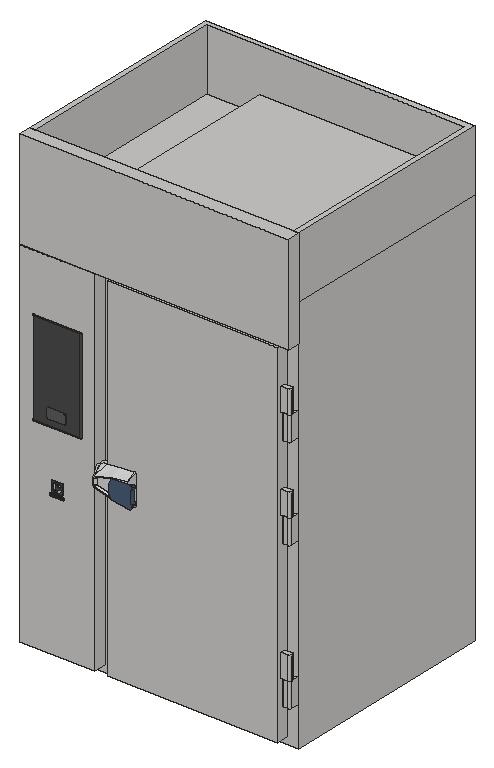
Revit family "QF_ELECTROLUXPROFESSIONAL_727752_EBFA22LA", category Specialty Equipment, Revit 2018
Family settings
  Round Connector Dimension = Use Diameter
  Part Type = Normal
  Work Plane-Based = No
  Always vertical = Yes
  Cut with Voids When Loaded = No
  Shared = Yes
  Room Calculation Point = No
Parameters
  Weight = 0.00 kg
  Watts = 0 W
  Volts = 380 V
  URL Manufacturer = "http://professional.electrolux.com"
  URL = "http://professional.electrolux.com"
  Steam Supply Size = 0"
  Steam Supply Minimum Pressure = 0.00 psi
  Steam Supply Maximum Pressure = 0.00 psi
  Steam Pounds per Hour = 0
  Show Logo [instance] = yes
  Refrigeration Suction Line Size = 0"
  Refrigeration Liquid Line Size = 0"
  Refrigerant Compressor Remote = yes
  Phase = 3
  Model = "EBFA22LA"
  Manufacturer = "Electrolux"
  Length Actual = 1400 mm  # constant formula
  Item Number = "727752"
  Hot Water Size = 1"
  Height Actual = 2470 mm  # constant formula
  HP = "14.2 HP"
  Gas Size = 0"
  Gas KW = 0
  Gas Input Pressure = 0.0 Btu/h
  Direct Waste Size = 3/4"
  Description = "BLAST CH/FREEZ 120KG 20GN2/1-60HZ LW-USB"
  Depth Actual = 1266 mm  # constant formula
  Cycle = 60 Hz
  Condensate Return Size = 0"
  Compressed Air Volume = 0 GPM
  Compressed Air Size = 0"
  Compressed Air Pressure = 0.00 psi
  Cold Water Size = 1"
  Assembly Code = ""
  Show Clearance [instance] = yes
  Accessory = yes
Reference planes
  plane 1 "BACK": y = 1
  plane 2: z = 0
  plane 3 "LEFT": x = 0
  plane 4 "RIGHT": x = 1400
  plane 5 "FRONT": y = -1205
  plane 6 "TOP": z = 2400
  plane 7 "Center Y": x = 700
  plane 8: y = -2155
  plane 9: y = -602
Forms (mm)
  Extrusion 1, solid, material "QF_Clearance", visible <- "Show Clearance", detail levels coarse
    sketch origin (0, 0, -70) x (1, 0, 0) y (0, 1, 0)
      loop
        line (0, -1205) -> (0, 1) -> (1400, 1) -> (1400, -1205) -> (1500, -1205) -> (1500, 101) -> (-100, 101) -> (-100, -1205) -> (0, -1205)
    from 70 to 2670
  Extrusion 2, solid, material "QF_Finishes_Stainless Steel"
    sketch origin (349.253, 33, 630.991) x (-1, 0, 0) y (0, -1, 0)
      loop
        line (349.253, 1172.759) -> (349.253, 1238) -> (-39.747, 1238) -> (-39.747, 1172.759) -> (349.253, 1172.759)
    from -597 to 1254
  Extrusion 3, solid, material "QF_Finishes_Stainless Steel"
    sketch origin (596.16, 27.971, -70) x (1, 0, 0) y (0, 1, 0)
      loop
        line (743.84, -1172.971) -> (-141.16, -1172.971) -> (-141.16, -1232.971) -> (743.84, -1232.971) -> (743.84, -1172.971)
    from 103.991 to 1945.25
  Extrusion 4, solid, material "QF_Door-Drawer Clearances", visible <- "Show Clearance", detail levels coarse
    sketch origin (875, -72.029, -91.802) x (-1, 0, 0) y (0, -1, 0)
      loop
        line (-465, 2025.971) -> (-465, 1132.971) -> (420, 1132.971)
        arc (420, 1132.971) -> (153.836, 1754.227) -> (-465, 2025.971) r 920
    from 125.793 to 1967.052
  Extrusion 5, solid, material "QF_Finishes_Stainless Steel"
    sketch origin (0, -1139.759, 0) x (0, 1, 0) y (-1, 0, 0)
      loop
        line (1140.759, 0) -> (0.759, 0) -> (0.759, -1400) -> (1140.759, -1400) -> (1140.759, 0)
    from 0 to 2080
  Extrusion 6, solid, material "QF_Finishes_Stainless Steel"
    sketch origin (0, 0, -70) x (0, 1, 0) y (0, 0, 1)
      loop
        line (-1139, 2470) -> (-1205, 2470) -> (-1205, 1956) -> (-1139, 1956) -> (-1139, 2470)
    from 0 to 1400
  Extrusion 7, solid, material "QF_Finishes_Stainless Steel"
    sketch origin (0, -1139.759, 2080) x (0, 1, 0) y (-1, 0, 0)
      loop
        line (1140.759, 0) -> (0.759, 0) -> (0.759, -27.807) -> (1112.952, -27.807) -> (1112.952, -1372.193) -> (0.759, -1372.193) -> (0.759, -1400) -> (1140.759, -1400) -> (1140.759, 0)
    from 0 to 320
  Extrusion 8, solid, material "QF_Clearance", visible <- "Show Clearance", detail levels coarse
    sketch origin (0, 0, 2400) x (-1, 0, 0) y (0, -1, 0)
      loop
        line (0, 1205) -> (-1400, 1205) -> (-1400, -1) -> (0, -1) -> (0, 1205)
    from 0 to 200
  Extrusion 9, solid, material "QF_Finishes_Stainless Steel"
    sketch origin (-390.239, -0.977, 1172.559) x (1, 0, 0) y (0, 1, 0)
      loop
        line (1730.239, -1159.557) -> (1730.239, -1186.759) -> (1771.078, -1186.759)
        arc (1771.078, -1186.759) -> (1778.149, -1183.83) -> (1781.078, -1176.759) r 10
        line (1781.078, -1176.759) -> (1781.078, -1169.557)
        arc (1781.078, -1169.557) -> (1778.149, -1162.486) -> (1771.078, -1159.557) r 10
        line (1771.078, -1159.557) -> (1730.239, -1159.557)
    from 398 to 516
  Extrusion 10, solid, material "QF_Finishes_Stainless Steel"
    sketch origin (-388.989, -0.977, 1172.559) x (1, 0, 0) y (0, 1, 0)
      loop
        line (1779.828, -1138.023) -> (1738.215, -1138.023) -> (1738.215, -1176.759)
        arc (1738.215, -1176.759) -> (1741.143, -1183.83) -> (1748.215, -1186.759) r 10
        line (1748.215, -1186.759) -> (1769.828, -1186.759)
        arc (1769.828, -1186.759) -> (1776.899, -1183.83) -> (1779.828, -1176.759) r 10
        line (1779.828, -1176.759) -> (1779.828, -1138.023)
    from 269 to 396
  Extrusion 11, solid, material "QF_Finishes_Handrails and Railings"
    sketch origin (0, -1205, -139.705) x (-1, 0, 0) y (0, 0, 1)
      loop
        arc (-455, 1022.346) -> (-433.392, 1027.289) -> (-413, 1035.976) r 124.815
        arc (-413, 1035.976) -> (-402.037, 1046.425) -> (-398, 1061.023) r 28.412
        line (-398, 1061.023) -> (-398, 1124.287)
        arc (-398, 1124.287) -> (-402.037, 1138.885) -> (-413, 1149.334) r 28.412
        arc (-413, 1149.334) -> (-433.392, 1158.021) -> (-455, 1162.964) r 124.815
        line (-455, 1162.964) -> (-455, 1022.346)
    from 0 to 25
  Extrusion 12, solid, material "QF_Finishes_Stainless Steel"
    sketch origin (0, 1, -70) x (1, 0, 0) y (0, 0, 1)
      loop
        circle (50.191, 2279.706) r 10
    from -2 to 0
  Extrusion 13, solid
    sketch origin (0, 0, -70) x (1, 0, 0) y (0, 1, 0)
      loop
        circle (271, -895) r 12.7
    from 180 to 190
  Blend 14, solid, material "QF_Finishes_Handrails and Railings"
    base sketch origin (0, -1205, -139.705) x (1, 0, 0) y (0, 0, 1)
      loop
        arc (455, 1162.964) -> (433.392, 1158.021) -> (413, 1149.334) r 124.815
        arc (413, 1149.334) -> (402.037, 1138.885) -> (398, 1124.287) r 28.412
        line (398, 1124.287) -> (398, 1061.023)
        arc (398, 1061.023) -> (402.037, 1046.425) -> (413, 1035.976) r 28.412
        arc (413, 1035.976) -> (433.392, 1027.289) -> (455, 1022.346) r 124.815
        arc (455, 1022.346) -> (524.77, 1014.896) -> (594.859, 1011.587) r 1185.63
        arc (594.859, 1011.587) -> (600.607, 1013.879) -> (603, 1019.586) r 8
        line (603, 1019.586) -> (603, 1165.724)
        arc (603, 1165.724) -> (600.607, 1171.431) -> (594.859, 1173.723) r 8
        arc (594.859, 1173.723) -> (524.77, 1170.414) -> (455, 1162.964) r 1185.63
    top sketch origin (0, -1205, -139.705) x (1, 0, 0) y (0, 0, 1)
      loop
        line (421, 1108.337) -> (421, 1076.973)
        arc (421, 1076.973) -> (423.295, 1069.915) -> (429.302, 1065.557) r 12
        arc (429.302, 1065.557) -> (515.086, 1044.22) -> (603, 1034.974) r 636.459
        line (603, 1034.974) -> (603, 1150.336)
        arc (603, 1150.336) -> (515.086, 1141.09) -> (429.302, 1119.753) r 636.459
        arc (429.302, 1119.753) -> (423.295, 1115.395) -> (421, 1108.337) r 12
    from 0 to 50
  Blend 15, void
    base sketch origin (0, -1255, -139.705) x (-1, 0, 0) y (0, 0, 1)
      loop
        arc (-430.843, 1114.996) -> (-515.866, 1136.151) -> (-603, 1145.333) r 631.459
        line (-603, 1145.333) -> (-603, 1039.977)
        arc (-603, 1039.977) -> (-515.866, 1049.159) -> (-430.843, 1070.314) r 631.459
        arc (-430.843, 1070.314) -> (-427.339, 1072.856) -> (-426, 1076.973) r 7
        line (-426, 1076.973) -> (-426, 1108.337)
        arc (-426, 1108.337) -> (-427.339, 1112.454) -> (-430.843, 1114.996) r 7
    top sketch origin (0, -1255, -139.705) x (-1, 0, 0) y (0, 0, 1)
      loop
        arc (-432.384, 1110.24) -> (-516.647, 1131.211) -> (-603, 1140.33) r 626.459
        line (-603, 1140.33) -> (-603, 1044.98)
        arc (-603, 1044.98) -> (-516.647, 1054.099) -> (-432.384, 1075.07) r 626.459
        arc (-432.384, 1075.07) -> (-431.382, 1075.797) -> (-431, 1076.973) r 2
        line (-431, 1076.973) -> (-431, 1108.337)
        arc (-431, 1108.337) -> (-431.382, 1109.513) -> (-432.384, 1110.24) r 2
    from 0 to 10
  Blend 16, solid, material "QF_Finishes_Electrolux_Blue"
    base sketch origin (0, -1245, -139.705) x (1, 0, 0) y (0, 0, 1)
      loop
        arc (628.567, 1043.419) -> (622.014, 1092.655) -> (628.567, 1141.89) r 188.232
        arc (628.567, 1141.89) -> (627.358, 1147.991) -> (621.77, 1150.721) r 7
        arc (621.77, 1150.721) -> (572.304, 1148.509) -> (523.16, 1142.458) r 636.459
        arc (523.16, 1142.458) -> (507.711, 1092.655) -> (523.16, 1042.852) r 88
        arc (523.16, 1042.852) -> (572.304, 1036.801) -> (621.77, 1034.589) r 636.459
        arc (621.77, 1034.589) -> (627.358, 1037.319) -> (628.567, 1043.419) r 7
    top sketch origin (0, -1245, -139.705) x (1, 0, 0) y (0, 0, 1)
      loop
        arc (626.748, 1050.703) -> (622.014, 1092.655) -> (626.748, 1134.607) r 188.232
        arc (626.748, 1134.607) -> (625.775, 1138.85) -> (621.845, 1140.722) r 5
        arc (621.845, 1140.722) -> (569.023, 1138.185) -> (516.603, 1131.203) r 626.459
        arc (516.603, 1131.203) -> (507.711, 1092.655) -> (516.603, 1054.107) r 88
        arc (516.603, 1054.107) -> (569.023, 1047.124) -> (621.845, 1044.588) r 626.459
        arc (621.845, 1044.588) -> (625.775, 1046.46) -> (626.748, 1050.703) r 5
    from 20 to 0
  Extrusion 17, solid, material "QF_Finishes_Stainless Steel"
    sketch origin (-390.239, -0.977, 692.559) x (1, 0, 0) y (0, 1, 0)
      loop
        line (1730.239, -1159.557) -> (1730.239, -1186.759) -> (1771.078, -1186.759)
        arc (1771.078, -1186.759) -> (1778.149, -1183.83) -> (1781.078, -1176.759) r 10
        line (1781.078, -1176.759) -> (1781.078, -1169.557)
        arc (1781.078, -1169.557) -> (1778.149, -1162.486) -> (1771.078, -1159.557) r 10
        line (1771.078, -1159.557) -> (1730.239, -1159.557)
    from 398 to 516
  Extrusion 18, solid, material "QF_Finishes_Stainless Steel"
    sketch origin (-388.989, -0.977, 692.559) x (1, 0, 0) y (0, 1, 0)
      loop
        line (1779.828, -1138.023) -> (1738.215, -1138.023) -> (1738.215, -1176.759)
        arc (1738.215, -1176.759) -> (1741.143, -1183.83) -> (1748.215, -1186.759) r 10
        line (1748.215, -1186.759) -> (1769.828, -1186.759)
        arc (1769.828, -1186.759) -> (1776.899, -1183.83) -> (1779.828, -1176.759) r 10
        line (1779.828, -1176.759) -> (1779.828, -1138.023)
    from 269 to 396
  Extrusion 19, solid, material "QF_Finishes_Stainless Steel"
    sketch origin (-390.239, -0.977, -67.441) x (1, 0, 0) y (0, 1, 0)
      loop
        line (1730.239, -1159.557) -> (1730.239, -1186.759) -> (1771.078, -1186.759)
        arc (1771.078, -1186.759) -> (1778.149, -1183.83) -> (1781.078, -1176.759) r 10
        line (1781.078, -1176.759) -> (1781.078, -1169.557)
        arc (1781.078, -1169.557) -> (1778.149, -1162.486) -> (1771.078, -1159.557) r 10
        line (1771.078, -1159.557) -> (1730.239, -1159.557)
    from 398 to 516
  Extrusion 20, solid, material "QF_Finishes_Stainless Steel"
    sketch origin (-388.989, -0.977, -67.441) x (1, 0, 0) y (0, 1, 0)
      loop
        line (1779.828, -1138.023) -> (1738.215, -1138.023) -> (1738.215, -1176.759)
        arc (1738.215, -1176.759) -> (1741.143, -1183.83) -> (1748.215, -1186.759) r 10
        line (1748.215, -1186.759) -> (1769.828, -1186.759)
        arc (1769.828, -1186.759) -> (1776.899, -1183.83) -> (1779.828, -1176.759) r 10
        line (1779.828, -1176.759) -> (1779.828, -1138.023)
    from 269 to 396
  Extrusion 21, solid, material "QF_Door-Drawer Clearances", visible <- "Show Clearance", detail levels coarse
    sketch origin (167.029, -1956.84, -70) x (0, 1, 0) y (-1, 0, 0)
      loop
        line (751.84, -1172.971) -> (-141.16, -1172.971) -> (-141.16, -1232.971) -> (751.84, -1232.971) -> (751.84, -1172.971)
    from 103.991 to 1945.25
  Extrusion 22, solid, material "QF_Door-Drawer Clearances", visible <- "Show Clearance", detail levels coarse
    sketch origin (1400, -2553, -139.705) x (0, -1, 0) y (0, 0, 1)
      loop
        arc (-455, 1022.346) -> (-433.392, 1027.289) -> (-413, 1035.976) r 124.815
        arc (-413, 1035.976) -> (-402.037, 1046.425) -> (-398, 1061.023) r 28.412
        line (-398, 1061.023) -> (-398, 1124.287)
        arc (-398, 1124.287) -> (-402.037, 1138.885) -> (-413, 1149.334) r 28.412
        arc (-413, 1149.334) -> (-433.392, 1158.021) -> (-455, 1162.964) r 124.815
        line (-455, 1162.964) -> (-455, 1022.346)
    from 0 to 25
  Blend 23, solid, material "QF_Door-Drawer Clearances", visible <- "Show Clearance", detail levels coarse
    base sketch origin (1400, -2553, -139.705) x (0, 1, 0) y (0, 0, 1)
      loop
        arc (455, 1162.964) -> (433.392, 1158.021) -> (413, 1149.334) r 124.815
        arc (413, 1149.334) -> (402.037, 1138.885) -> (398, 1124.287) r 28.412
        line (398, 1124.287) -> (398, 1061.023)
        arc (398, 1061.023) -> (402.037, 1046.425) -> (413, 1035.976) r 28.412
        arc (413, 1035.976) -> (433.392, 1027.289) -> (455, 1022.346) r 124.815
        arc (455, 1022.346) -> (524.77, 1014.896) -> (594.859, 1011.587) r 1185.63
        arc (594.859, 1011.587) -> (600.607, 1013.879) -> (603, 1019.586) r 8
        line (603, 1019.586) -> (603, 1165.724)
        arc (603, 1165.724) -> (600.607, 1171.431) -> (594.859, 1173.723) r 8
        arc (594.859, 1173.723) -> (524.77, 1170.414) -> (455, 1162.964) r 1185.63
    top sketch origin (1400, -2553, -139.705) x (0, 1, 0) y (0, 0, 1)
      loop
        line (421, 1108.337) -> (421, 1076.973)
        arc (421, 1076.973) -> (423.295, 1069.915) -> (429.302, 1065.557) r 12
        arc (429.302, 1065.557) -> (515.086, 1044.22) -> (603, 1034.974) r 636.459
        line (603, 1034.974) -> (603, 1150.336)
        arc (603, 1150.336) -> (515.086, 1141.09) -> (429.302, 1119.753) r 636.459
        arc (429.302, 1119.753) -> (423.295, 1115.395) -> (421, 1108.337) r 12
    from 0 to 50
  Blend 24, void
    base sketch origin (1450, -2553, -139.705) x (0, -1, 0) y (0, 0, 1)
      loop
        arc (-430.843, 1114.996) -> (-515.866, 1136.151) -> (-603, 1145.333) r 631.459
        line (-603, 1145.333) -> (-603, 1039.977)
        arc (-603, 1039.977) -> (-515.866, 1049.159) -> (-430.843, 1070.314) r 631.459
        arc (-430.843, 1070.314) -> (-427.339, 1072.856) -> (-426, 1076.973) r 7
        line (-426, 1076.973) -> (-426, 1108.337)
        arc (-426, 1108.337) -> (-427.339, 1112.454) -> (-430.843, 1114.996) r 7
    top sketch origin (1450, -2553, -139.705) x (0, -1, 0) y (0, 0, 1)
      loop
        arc (-432.384, 1110.24) -> (-516.647, 1131.211) -> (-603, 1140.33) r 626.459
        line (-603, 1140.33) -> (-603, 1044.98)
        arc (-603, 1044.98) -> (-516.647, 1054.099) -> (-432.384, 1075.07) r 626.459
        arc (-432.384, 1075.07) -> (-431.382, 1075.797) -> (-431, 1076.973) r 2
        line (-431, 1076.973) -> (-431, 1108.337)
        arc (-431, 1108.337) -> (-431.382, 1109.513) -> (-432.384, 1110.24) r 2
    from 0 to 10
  Blend 25, solid, material "QF_Door-Drawer Clearances", visible <- "Show Clearance", detail levels coarse
    base sketch origin (1440, -2553, -139.705) x (0, 1, 0) y (0, 0, 1)
      loop
        arc (628.567, 1043.419) -> (622.014, 1092.655) -> (628.567, 1141.89) r 188.232
        arc (628.567, 1141.89) -> (627.358, 1147.991) -> (621.77, 1150.721) r 7
        arc (621.77, 1150.721) -> (572.304, 1148.509) -> (523.16, 1142.458) r 636.459
        arc (523.16, 1142.458) -> (507.711, 1092.655) -> (523.16, 1042.852) r 88
        arc (523.16, 1042.852) -> (572.304, 1036.801) -> (621.77, 1034.589) r 636.459
        arc (621.77, 1034.589) -> (627.358, 1037.319) -> (628.567, 1043.419) r 7
    top sketch origin (1440, -2553, -139.705) x (0, 1, 0) y (0, 0, 1)
      loop
        arc (626.748, 1050.703) -> (622.014, 1092.655) -> (626.748, 1134.607) r 188.232
        arc (626.748, 1134.607) -> (625.775, 1138.85) -> (621.845, 1140.722) r 5
        arc (621.845, 1140.722) -> (569.023, 1138.185) -> (516.603, 1131.203) r 626.459
        arc (516.603, 1131.203) -> (507.711, 1092.655) -> (516.603, 1054.107) r 88
        arc (516.603, 1054.107) -> (569.023, 1047.124) -> (621.845, 1044.588) r 626.459
        arc (621.845, 1044.588) -> (625.775, 1046.46) -> (626.748, 1050.703) r 5
    from 20 to -1
  Extrusion 26, solid, material "QF_Finishes_Stainless Steel"
    sketch origin (0, -1139.759, 2080) x (0, 1, 0) y (-1, 0, 0)
      loop
        line (1028.497, -361.186) -> (882.552, -361.186) -> (882.552, -544.235) -> (1028.497, -544.235) -> (1028.497, -361.186)
    from 0 to 50
  Extrusion 27, solid, material "QF_Finishes_Stainless Steel"
    sketch origin (0, -1139.759, 2080) x (0, 1, 0) y (-1, 0, 0)
      loop
        line (1099.749, -314.157) -> (154.819, -314.157) -> (154.819, -1281.35) -> (1099.749, -1281.35) -> (1099.749, -314.157)
    from 0 to 100
  Extrusion 28, solid, material "QF_Finishes_Stainless Steel"
    sketch origin (544.235, -111.262, 2080) x (0, -1, 0) y (0, 0, -1)
      loop
        circle (122.974, -25) r 12.5
      loop
        circle (23.998, -25) r 12.5
    from 0 to 30
Cuts and joins
  Blend 15 cuts Blend 14
  joined: Extrusion 11, Blend 14
  Blend 15 cuts Extrusion 4
  Blend 24 cuts Blend 23
  Blend 24 cuts Blend 25
  joined: Extrusion 4, Extrusion 21, Extrusion 22, Blend 23, Blend 25
  joined: Extrusion 7, Extrusion 12
  joined: Extrusion 5, Extrusion 10, Extrusion 18, Extrusion 20, Extrusion 27
  joined: Extrusion 3, Extrusion 9, Extrusion 17, Extrusion 19
  joined: Extrusion 1, Extrusion 8
  joined: Extrusion 26, Extrusion 28
Lines and regions (mm)
  symbolic lines, style "QF-Clearances", visible <- "Show Clearance", detail levels coarse
    curve 1: line (-100, -1204.241, 70) -> (-100, 101, 70)
    curve 2: line (-100, 101, 70) -> (1500, 101, 70)
    curve 3: line (1500, 101, 70) -> (1500, -1204.241, 70)
  symbolic lines
    curve 4: line (0, 1, 70) -> (1400, 1, 70)
    curve 5: line (0, -1205, 70) -> (0, 1, 70)
    curve 6: line (1400, -1205, 70) -> (0, -1205, 70)
    curve 7: line (1400, 1, 70) -> (1400, -1205, 70)
    curve 8: line (27.807, -26.807, 70) -> (1372.193, -26.807, 70)
    curve 9: line (27.807, -1139, 70) -> (27.807, -26.807, 70)
    curve 10: line (1400, -1139, 70) -> (0, -1139, 70)
    curve 11: line (1372.193, -26.807, 70) -> (1372.193, -1139, 70)
    curve 12: line (75.5, -1210, 70) -> (313.5, -1210, 70)
    curve 13: line (75.5, -1210, 70) -> (67.5, -1205, 70)
    curve 14: line (313.5, -1210, 70) -> (321.5, -1205, 70)
    curve 15: line (421, -1255, 70) -> (398, -1205, 70)
    curve 16: line (421, -1255, 70) -> (603, -1255, 70)
    curve 17: line (603, -1255, 70) -> (603, -1205, 70)
    curve 18: line (603, -1245, 70) -> (626.748, -1245, 70)
    curve 19: line (626.748, -1245, 70) -> (628.811, -1265, 70)
    curve 20: line (628.811, -1265, 70) -> (507.711, -1265, 70)
    curve 21: line (507.711, -1265, 70) -> (507.711, -1255, 70)
    curve 35: line (314.157, -40.01, 70) -> (1281.35, -40.01, 70)
    curve 36: line (314.157, -984.941, 70) -> (314.157, -40.01, 70)
    curve 37: line (1281.35, -984.941, 70) -> (314.157, -984.941, 70)
    curve 38: line (1281.35, -40.01, 70) -> (1281.35, -984.941, 70)
  symbolic lines, style "QF_Door-Drawer Clearances", visible <- "Show Clearance"
    curve 22: line (1450, -2132, 70) -> (1400, -2155, 70)
    curve 23: line (1450, -2132, 70) -> (1450, -1950, 70)
    curve 24: line (1450, -1950, 70) -> (1400, -1950, 70)
    curve 25: line (1439, -1950, 70) -> (1439, -1926.126, 70)
    curve 26: line (1439, -1926.126, 70) -> (1460, -1924.189, 70)
    curve 27: line (1460, -1924.189, 70) -> (1460, -2045.289, 70)
    curve 28: line (1460, -2045.289, 70) -> (1450, -2045.289, 70)
    curve 29: line (1375, -2098, 70) -> (1375, -2155, 70)
    curve 30: line (1340, -2098, 70) -> (1400, -2098, 70)
    curve 31: arc (457.796, -1255, 70) -> (739.031, -1843.801, 70) -> (1340, -2098, 70) r 920
    curve 32: line (1400, -2155, 70) -> (1375, -2155, 70)
    curve 33: line (1400, -2098, 70) -> (1400, -1205, 70)
    curve 34: line (1340, -2098, 70) -> (1340, -1205, 70)
  symbolic lines, style "SpecialityEquipmentHiddenLines"
    curve 39: line (361.186, -111.262, 70) -> (544.235, -111.262, 70)
    curve 40: line (361.186, -257.207, 70) -> (361.186, -111.262, 70)
    curve 41: line (544.235, -257.207, 70) -> (361.186, -257.207, 70)
    curve 42: line (544.235, -111.262, 70) -> (544.235, -257.207, 70)
    curve 43: line (574.235, -147.761, 70) -> (574.235, -122.761, 70)
    curve 44: line (574.235, -122.761, 70) -> (544.235, -122.761, 70)
    curve 45: line (574.235, -147.761, 70) -> (544.235, -147.761, 70)
    curve 46: line (574.235, -246.737, 70) -> (544.235, -246.737, 70)
    curve 47: line (574.235, -221.737, 70) -> (544.235, -221.737, 70)
    curve 48: line (574.235, -221.737, 70) -> (574.235, -246.737, 70)
Dimensions and locks
  plane 5 "FRONT" to plane 1 "BACK" = 1206 mm
  plane 6 "TOP" to level = 2400 mm
  plane 4 "RIGHT" to plane 3 "LEFT" = 1400 mm
  plane 3 "LEFT" to plane 4 "RIGHT" = 1400 mm
  equal spacing: plane 3 "LEFT", plane 7 "Center Y", plane 4 "RIGHT"
  equal spacing: plane 1 "BACK", plane 9, plane 5 "FRONT"
  aligned and locked: level to plane 2
Automatic sketch dimensions
  plane 5 "FRONT" to Extrusion 1 sketch curve = 0 mm  (x2)
  Extrusion 1 sketch curve to plane 3 "LEFT" = 0 mm
  plane 1 "BACK" to Extrusion 1 sketch curve = 0 mm
  Extrusion 1 sketch curve to plane 4 "RIGHT" = 0 mm
  Extrusion 1 sketch curve to plane 3 "LEFT" = 100 mm
  plane 4 "RIGHT" to Extrusion 1 sketch curve = 100 mm
  Extrusion 1 sketch curve to plane 1 "BACK" = 100 mm
  plane 5 "FRONT" to Extrusion 2 sketch curve = 0 mm
  Extrusion 2 sketch curve to plane 3 "LEFT" = 0 mm
  Extrusion 2 sketch curve to plane 5 "FRONT" = 65.241 mm
  plane 5 "FRONT" to Extrusion 3 sketch curve = 0 mm
  Extrusion 3 sketch curve to plane 5 "FRONT" = 60 mm
  Extrusion 3 sketch curve to plane 4 "RIGHT" = 60 mm
  plane 5 "FRONT" to Extrusion 4 sketch curve = 0 mm
  Extrusion 4 sketch curve to plane 4 "RIGHT" = 25.377 mm
  Extrusion 4 sketch curve to Extrusion 4 sketch curve = 34.623 mm
  Extrusion 4 sketch curve to plane 5 "FRONT" = 26.348 mm
  Extrusion 5 sketch curve to plane 3 "LEFT" = 0 mm
  Extrusion 5 sketch curve to plane 4 "RIGHT" = 0 mm
  plane 1 "BACK" to Extrusion 5 sketch curve = 0 mm
  Extrusion 5 sketch curve to plane 5 "FRONT" = 66 mm
  Extrusion 6 sketch curve to plane 5 "FRONT" = 0 mm
  Extrusion 6 sketch curve to plane 5 "FRONT" = 66 mm
  Extrusion 6 sketch curve to plane 6 "TOP" = 514 mm
  plane 6 "TOP" to Extrusion 6 sketch curve = 0 mm
  Extrusion 5 to Extrusion 7 sketch curve = 0 mm
  Extrusion 7 sketch curve to Extrusion 5 = 0 mm  (x4)
  Extrusion 7 sketch curve to Extrusion 5 = 27.807 mm  (x3)
  Extrusion 8 sketch curve to plane 4 "RIGHT" = 0 mm
  plane 1 "BACK" to Extrusion 8 sketch curve = 0 mm
  Extrusion 8 sketch curve to plane 3 "LEFT" = 0 mm
  plane 5 "FRONT" to Extrusion 8 sketch curve = 0 mm
  Extrusion 9 sketch curve to plane 5 "FRONT" = 17.264 mm
  Extrusion 9 sketch curve to plane 4 "RIGHT" = 60 mm
  Extrusion 9 sketch curve to plane 4 "RIGHT" = 19.161 mm
  Extrusion 9 sketch curve to Extrusion 9 sketch curve = 0 mm
  Extrusion 9 sketch curve to plane 4 "RIGHT" = 9.161 mm
  Extrusion 9 sketch curve to Extrusion 9 sketch curve = 7.202 mm
  Extrusion 10 sketch curve to plane 5 "FRONT" = 27.264 mm
  Extrusion 10 sketch curve to plane 4 "RIGHT" = 50.775 mm
  Extrusion 10 sketch curve to Extrusion 10 sketch curve = 10 mm
  Extrusion 10 sketch curve to plane 4 "RIGHT" = 19.161 mm
  Extrusion 10 sketch curve to plane 4 "RIGHT" = 9.161 mm
  Extrusion 10 sketch curve to Extrusion 10 sketch curve = 38.736 mm
  plane 7 "Center Y" to Extrusion 11 sketch curve = 228.081 mm
  Extrusion 11 sketch curve to Extrusion 11 sketch curve = 0 mm
  Extrusion 11 sketch curve to Extrusion 11 sketch curve = 16.919 mm
  Extrusion 11 sketch curve to Extrusion 11 sketch curve = 28.588 mm  (x2)
  Extrusion 11 sketch curve to Extrusion 11 sketch curve = 28.412 mm
  level to Extrusion 11 sketch curve = 882.641 mm
  Extrusion 11 sketch curve to Extrusion 11 sketch curve = 16.954 mm  (x2)
  Extrusion 11 sketch curve to Extrusion 11 sketch curve = 38.676 mm
  Extrusion 11 sketch curve to Extrusion 11 sketch curve = 63.265 mm
  Extrusion 11 sketch curve to Extrusion 11 sketch curve = 21.722 mm
  plane 3 "LEFT" to Extrusion 12 sketch curve = 50.191 mm
  Extrusion 12 sketch curve to plane 6 "TOP" = 190.294 mm
  Extrusion 13 sketch curve to plane 9 = 293 mm
  Blend 14 sketch curve to Extrusion 11 = 0 mm  (x4)
  Blend 14 sketch curve to Extrusion 11 = 28.412 mm
  Blend 14 sketch curve to Blend 14 sketch curve = 123.081 mm  (x2)
  Blend 14 sketch curve to Blend 14 sketch curve = 8 mm
  Extrusion 11 to Blend 14 sketch curve = 160.712 mm  (x2)
  Blend 14 sketch curve to Blend 14 sketch curve = 19.715 mm  (x2)
  Blend 14 sketch curve to Blend 14 sketch curve = 38.676 mm
  Blend 14 sketch curve to Extrusion 11 = 23 mm
  Blend 14 sketch curve to Blend 14 sketch curve = 12 mm  (x2)
  Extrusion 11 to Blend 14 sketch curve = 148 mm
  Extrusion 11 to Blend 14 sketch curve = 170.45 mm  (x2)
  Blend 14 sketch curve to Blend 14 sketch curve = 520.701 mm  (x2)
  Blend 14 sketch curve to Blend 14 sketch curve = 41.999 mm
  Blend 14 sketch curve to Blend 14 sketch curve = 31.364 mm
  Blend 14 sketch curve to Blend 14 sketch curve = 115.362 mm
  Blend 14 to Blend 15 sketch curve = 0 mm  (x2)
  Blend 15 sketch curve to Blend 15 sketch curve = 7 mm
  Blend 15 sketch curve to Blend 15 sketch curve = 31.364 mm  (x2)
  Blend 15 sketch curve to Blend 15 sketch curve = 2 mm
  Blend 15 to Blend 16 sketch curve = 18.811 mm  (x2)
  Blend 16 sketch curve to Blend 15 = 7.289 mm  (x2)
  Blend 16 sketch curve to Blend 16 sketch curve = 188.435 mm
  Blend 16 sketch curve to Blend 16 sketch curve = 7 mm  (x2)
  Blend 16 sketch curve to Blend 16 sketch curve = 51.066 mm  (x2)
  Blend 16 sketch curve to Blend 16 sketch curve = 0 mm  (x6)
  Blend 16 sketch curve to Blend 15 = 79.84 mm
  Blend 15 to Blend 16 sketch curve = 18.874 mm  (x2)
  Blend 16 sketch curve to Blend 16 sketch curve = 188.371 mm
  Blend 16 sketch curve to Blend 16 sketch curve = 5 mm  (x2)
  Blend 16 sketch curve to Blend 16 sketch curve = 43.067 mm  (x2)
  Blend 16 sketch curve to Blend 15 = 85.603 mm
  Extrusion 17 sketch curve to plane 5 "FRONT" = 17.264 mm
  Extrusion 17 sketch curve to plane 4 "RIGHT" = 60 mm
  Extrusion 17 sketch curve to plane 4 "RIGHT" = 19.161 mm
  Extrusion 17 sketch curve to Extrusion 17 sketch curve = 0 mm
  Extrusion 17 sketch curve to plane 4 "RIGHT" = 9.161 mm
  Extrusion 17 sketch curve to Extrusion 17 sketch curve = 7.202 mm
  Extrusion 18 sketch curve to plane 5 "FRONT" = 27.264 mm
  Extrusion 18 sketch curve to plane 4 "RIGHT" = 50.775 mm
  Extrusion 18 sketch curve to Extrusion 18 sketch curve = 10 mm
  Extrusion 18 sketch curve to plane 4 "RIGHT" = 19.161 mm
  Extrusion 18 sketch curve to plane 4 "RIGHT" = 9.161 mm
  Extrusion 18 sketch curve to Extrusion 18 sketch curve = 38.736 mm
  Extrusion 19 sketch curve to plane 5 "FRONT" = 17.264 mm
  Extrusion 19 sketch curve to plane 4 "RIGHT" = 60 mm
  Extrusion 19 sketch curve to plane 4 "RIGHT" = 19.161 mm
  Extrusion 19 sketch curve to Extrusion 19 sketch curve = 0 mm
  Extrusion 19 sketch curve to plane 4 "RIGHT" = 9.161 mm
  Extrusion 19 sketch curve to Extrusion 19 sketch curve = 7.202 mm
  Extrusion 20 sketch curve to plane 5 "FRONT" = 27.264 mm
  Extrusion 20 sketch curve to plane 4 "RIGHT" = 50.775 mm
  Extrusion 20 sketch curve to Extrusion 20 sketch curve = 10 mm
  Extrusion 20 sketch curve to plane 4 "RIGHT" = 19.161 mm
  Extrusion 20 sketch curve to plane 4 "RIGHT" = 9.161 mm
  Extrusion 20 sketch curve to Extrusion 20 sketch curve = 38.736 mm
  Extrusion 21 sketch curve to plane 4 "RIGHT" = 0 mm
  plane 5 "FRONT" to Extrusion 21 sketch curve = 0 mm
  Extrusion 21 sketch curve to plane 8 = 57 mm
  Extrusion 21 sketch curve to plane 4 "RIGHT" = 60 mm
  Extrusion 22 sketch curve to plane 8 = 0 mm
  Extrusion 22 sketch curve to Extrusion 22 sketch curve = 28.412 mm  (x2)
  Extrusion 22 sketch curve to Extrusion 22 sketch curve = 28.588 mm
  Extrusion 22 sketch curve to Extrusion 22 sketch curve = 16.919 mm  (x2)
  level to Extrusion 22 sketch curve = 882.641 mm
  Extrusion 22 sketch curve to Extrusion 22 sketch curve = 16.954 mm  (x2)
  Extrusion 22 sketch curve to Extrusion 22 sketch curve = 38.676 mm
  Extrusion 22 sketch curve to Extrusion 22 sketch curve = 63.265 mm
  Extrusion 22 sketch curve to Extrusion 22 sketch curve = 21.722 mm
  Blend 23 sketch curve to Extrusion 22 = 0 mm  (x4)
  Blend 23 sketch curve to Extrusion 22 = 28.412 mm
  Blend 23 sketch curve to Blend 23 sketch curve = 123.081 mm  (x2)
  Blend 23 sketch curve to Blend 23 sketch curve = 8 mm
  Extrusion 22 to Blend 23 sketch curve = 160.712 mm  (x2)
  Blend 23 sketch curve to Blend 23 sketch curve = 19.715 mm  (x2)
  Blend 23 sketch curve to Blend 23 sketch curve = 38.676 mm
  Blend 23 sketch curve to Extrusion 22 = 23 mm
  Blend 23 sketch curve to Blend 23 sketch curve = 12 mm  (x2)
  Extrusion 22 to Blend 23 sketch curve = 148 mm
  Extrusion 22 to Blend 23 sketch curve = 170.45 mm  (x2)
  Blend 23 sketch curve to Blend 23 sketch curve = 520.701 mm  (x2)
  Blend 23 sketch curve to Blend 23 sketch curve = 41.999 mm
  Blend 23 sketch curve to Blend 23 sketch curve = 31.364 mm
  Blend 23 sketch curve to Blend 23 sketch curve = 115.362 mm
  Blend 24 sketch curve to Blend 23 = 0 mm  (x2)
  Blend 24 sketch curve to Blend 24 sketch curve = 7 mm
  Blend 24 sketch curve to Blend 24 sketch curve = 31.364 mm  (x2)
  Blend 24 sketch curve to Blend 24 sketch curve = 2 mm
  Blend 24 to Blend 25 sketch curve = 18.811 mm  (x2)
  Blend 25 sketch curve to Blend 24 = 7.289 mm  (x2)
  Blend 25 sketch curve to Blend 25 sketch curve = 188.435 mm
  Blend 25 sketch curve to Blend 25 sketch curve = 7 mm  (x2)
  Blend 25 sketch curve to Blend 25 sketch curve = 51.066 mm  (x2)
  Blend 25 sketch curve to Blend 25 sketch curve = 0 mm  (x6)
  Blend 25 sketch curve to Blend 24 = 79.84 mm
  Blend 24 to Blend 25 sketch curve = 18.874 mm  (x2)
  Blend 25 sketch curve to Blend 25 sketch curve = 188.371 mm
  Blend 25 sketch curve to Blend 25 sketch curve = 5 mm  (x2)
  Blend 25 sketch curve to Blend 25 sketch curve = 43.067 mm  (x2)
  Blend 25 sketch curve to Blend 24 = 85.603 mm
  plane 7 "Center Y" to Extrusion 2 sketch curve = 311 mm
  plane 7 "Center Y" to Extrusion 3 sketch curve = 245 mm
  plane 7 "Center Y" to Extrusion 4 sketch curve = 245 mm
  plane 3 "LEFT" to Extrusion 13 sketch curve = 271 mm
  Extrusion 27 sketch curve to Extrusion 5 = 154.059 mm
  Extrusion 27 sketch curve to Extrusion 5 = 41.01 mm
  Extrusion 27 sketch curve to Extrusion 5 = 118.65 mm
  Extrusion 27 sketch curve to Extrusion 5 = 314.157 mm
  Extrusion 26 sketch curve to Extrusion 5 = 258.207 mm
  Extrusion 26 sketch curve to Extrusion 5 = 112.262 mm
  Extrusion 26 sketch curve to Extrusion 5 = 544.235 mm
  Extrusion 26 sketch curve to Extrusion 26 sketch curve = 183.049 mm
  Extrusion 28 sketch curve to Extrusion 26 = 23.998 mm
  Extrusion 28 sketch curve to Extrusion 26 = 22.971 mm
  Extrusion 26 to Extrusion 28 sketch curve = 25 mm  (x2)
  plane 8 to curve 29 = 0 mm
  curve 33 to plane 4 "RIGHT" = 0 mm
  plane 5 "FRONT" to curve 15 = 0 mm
  curve 10 to plane 3 "LEFT" = 0 mm
  plane 1 "BACK" to curve 7 = 0 mm
  curve 22 to plane 4 "RIGHT" = 0 mm
  curve 22 to plane 8 = 23 mm
  curve 22 to curve 33 = 57 mm
  curve 30 to curve 28 = 52.711 mm
  curve 28 to curve 24 = 95.289 mm
  plane 4 "RIGHT" to curve 26 = 39 mm
  curve 25 to curve 26 = 23.874 mm
  curve 25 to curve 27 = 1.937 mm
  plane 5 "FRONT" to curve 19 = 60 mm
  plane 5 "FRONT" to curve 15 = 50 mm
  curve 19 to curve 18 = 20 mm
  plane 5 "FRONT" to curve 12 = 5 mm
  curve 31 to plane 5 "FRONT" = 26.348 mm
  curve 31 to curve 37 = 193.711 mm
  plane 1 "BACK" to curve 41 = 258.207 mm
  curve 41 to curve 43 = 109.446 mm
  curve 43 to curve 43 = 25 mm
  plane 1 "BACK" to curve 39 = 112.262 mm
  plane 1 "BACK" to curve 36 = 41.01 mm
  plane 1 "BACK" to curve 8 = 27.807 mm
  curve 2 to plane 1 "BACK" = 100 mm
  curve 24 to curve 25 = 11 mm
  curve 26 to curve 25 = 21 mm
  plane 4 "RIGHT" to curve 2 = 100 mm
  curve 22 to curve 29 = 25 mm
  curve 31 to plane 4 "RIGHT" = 25.377 mm
  curve 8 to plane 4 "RIGHT" = 27.807 mm
  curve 29 to curve 30 = 35 mm
  curve 38 to plane 4 "RIGHT" = 118.65 mm
  plane 7 "Center Y" to curve 19 = 71.189 mm
  curve 19 to curve 18 = 2.062 mm
  curve 18 to curve 17 = 23.748 mm
  plane 7 "Center Y" to curve 43 = 125.765 mm
  curve 43 to curve 41 = 30 mm
  curve 21 to curve 31 = 49.915 mm
  curve 31 to curve 16 = 36.796 mm
  curve 41 to curve 40 = 183.049 mm
  curve 15 to curve 37 = 106.843 mm
  curve 15 to curve 14 = 107.5 mm
  plane 3 "LEFT" to curve 12 = 75.5 mm
  plane 3 "LEFT" to curve 8 = 27.807 mm
  curve 1 to plane 3 "LEFT" = 100 mm
  curve 3 to plane 5 "FRONT" = 0.759 mm
  curve 1 to plane 5 "FRONT" = 0.759 mm
  curve 9 to plane 5 "FRONT" = 66 mm
  curve 41 to curve 46 = 10.471 mm
  curve 46 to curve 48 = 25 mm
  curve 46 to curve 46 = 30 mm
  curve 15 to curve 15 = 23 mm
  curve 14 to curve 12 = 8 mm
  curve 12 to curve 13 = 8 mm
  radius of Extrusion 12 sketch curve = 10 mm
  radius of Extrusion 13 sketch curve = 12.7 mm
  radius of Blend 14 sketch curve to Extrusion 11 = 0 mm  (x3)
  radius of Blend 15 sketch curve to Blend 14 = 5 mm  (x3)
  radius of Blend 15 sketch curve to Blend 14 = 10 mm  (x3)
  radius of Blend 15 to Blend 16 sketch curve = 10 mm  (x2)
  radius of Blend 16 sketch curve to Blend 15 = 0 mm  (x2)
  radius of Blend 23 sketch curve to Extrusion 22 = 0 mm  (x3)
  radius of Blend 24 sketch curve to Blend 23 = 5 mm  (x3)
  radius of Blend 24 sketch curve to Blend 23 = 10 mm  (x3)
  radius of Blend 24 to Blend 25 sketch curve = 10 mm  (x2)
  radius of Blend 25 sketch curve to Blend 24 = 0 mm  (x2)
  radius of Extrusion 28 sketch curve = 12.5 mm  (x2)
Nested families
  nested 1: "ELX_Touch" at (194.5, -1205, 1338.103) x (1, 0, 0) z (0, -1, 0), type "ELX_Touch"
  nested 2: "ELX_Logo_S_New" at (194.5, -1205, 779.103) x (1, 0, 0) z (0, -1, 0), visible <- "Show Logo", type "ELX_Logo_S_New"
    with M QF_Finishes_Black
  nested 3: "ELX_Logo_Symbol" at (194.5, -1205, 819.103) x (1, 0, 0) z (0, -1, 0), visible <- "Show Logo", type "ELX_Logo_Symbol"
    with M QF_Finishes_Black
Connectors
  piping at (271, -895, 110), diameter 25.4
    settings: on Extrusion 13, index 5, connector inside diameter 24", connector length 0 mm, flow factor 0, pipe flow 0 GPM, pressure drop 0.00 psi, fitting loss kfactor 0, connector angle 0.00°, fixture units 0, engagement length 0 mm, angle of deflection 0.00°, flow configuration 1, flow direction 2, fitting loss method 0, system type 16, joint type 0, gender type 0, connector reference index -1, connector utility 0, adjustable connector no, is connector primary yes, connector description "Drain"
  electrical at (50.191, 3, 2209.706), driven by "Volts"
    settings: on Extrusion 12, index 6, voltage 380 V, apparent load 0 VA, apparent load phase1 0 VA, apparent load phase2 0 VA, apparent load phase3 0 VA, power factor 1, load classification "Altro", number of poles 1, system type 30, power factor state 1, is connector primary yes, connector utility no, sub classification motor no, connector description "Electrical Connection"
  piping at (574.235, -234.237, 2105), diameter 25
    settings: on cut or joined group of Extrusion 26, Extrusion 28, index 7, connector inside diameter 24", connector length 0 mm, flow factor 0, pipe flow 0 GPM, pressure drop 0.00 psi, fitting loss kfactor 0, connector angle 0.00°, fixture units 0, engagement length 0 mm, angle of deflection 0.00°, flow configuration 1, flow direction 1, fitting loss method 0, system type 7, joint type 0, gender type 0, connector reference index -1, connector utility 0, adjustable connector no, is connector primary no, connector description "Water Inlet Cooling"
  piping at (574.235, -135.261, 2105), diameter 25
    settings: on cut or joined group of Extrusion 26, Extrusion 28, index 8, connector inside diameter 24", connector length 0 mm, flow factor 0, pipe flow 0 GPM, pressure drop 0.00 psi, fitting loss kfactor 0, connector angle 0.00°, fixture units 0, engagement length 0 mm, angle of deflection 0.00°, flow configuration 1, flow direction 1, fitting loss method 0, system type 8, joint type 0, gender type 0, connector reference index -1, connector utility 0, adjustable connector no, is connector primary no, connector description "Water Outlet Cooling"
Definition of nested family "ELX_Touch"
  Parameters
    Default Elevation = 1219.2 mm
  Reference planes
    plane 1 "Centro (Fronte/Retro)": y = 0
    plane 2: z = 0
    plane 3 "Centro (Sinistra/Destra)": x = 0
  Forms (mm)
    Extrusion 1, solid
      sketch origin (0, 0, 0) x (1, 0, 0) y (0, 1, 0)
        loop
          line (-1219.2, 1219.2) -> (-1219.2, -1219.2) -> (1219.2, -1219.2) -> (1219.2, 1219.2) -> (-1219.2, 1219.2)
      from 0 to -304.8
    Extrusion 2, solid
      sketch origin (0, 0, 5) x (1, 0, 0) y (0, 1, 0)
        loop
          line (-47, -160) -> (-47, -202)
          arc (-47, -202) -> (-45.536, -205.535) -> (-42, -207) r 5
          line (-42, -207) -> (42, -207)
          arc (42, -207) -> (45.536, -205.535) -> (47, -202) r 5
          line (47, -202) -> (47, -160)
          arc (47, -160) -> (45.536, -156.465) -> (42, -155) r 5
          line (42, -155) -> (-42, -155)
          arc (-42, -155) -> (-45.536, -156.465) -> (-47, -160) r 5
      from 0 to 2
    Blend 3, solid
      base sketch origin (0, 0, 0) x (1, 0, 0) y (0, 1, 0)
        loop
          line (-127, 244) -> (-127, -244)
          arc (-127, -244) -> (-125.536, -247.536) -> (-122, -249) r 5
          line (-122, -249) -> (122, -249)
          arc (122, -249) -> (125.536, -247.536) -> (127, -244) r 5
          line (127, -244) -> (127, 244)
          arc (127, 244) -> (125.536, 247.536) -> (122, 249) r 5
          line (122, 249) -> (-122, 249)
          arc (-122, 249) -> (-125.536, 247.536) -> (-127, 244) r 5
      top sketch origin (0, 0, 0) x (1, 0, 0) y (0, 1, 0)
        loop
          line (-119, -241) -> (119, -241) -> (119, 241) -> (-119, 241) -> (-119, -241)
      from 0 to 5
  Lines and regions (mm)
    Split face 1
      outline origin (0, 0, 5) x (1, 0, 0) y (0, 1, 0)
        loop
          line (-70.506, 46.167) -> (70.506, 46.167) -> (70.506, 214.829) -> (-70.506, 214.829) -> (-70.506, 46.167)
    Split face 2
      outline origin (0, 0, 5) x (1, 0, 0) y (0, 1, 0)
        loop
          line (-47.467, 50.825) -> (47.467, 50.825) -> (47.467, 210.171) -> (-47.467, 210.171) -> (-47.467, 50.825)
    Split face 3
      outline origin (0, 0, 5) x (1, 0, 0) y (0, 1, 0)
        loop
          line (-70.521, -215.33) -> (70.521, -215.33) -> (70.521, -146.67) -> (-70.521, -146.67) -> (-70.521, -215.33)
    Split face 4
      outline origin (0, 0, 5) x (1, 0, 0) y (0, 1, 0)
        loop
          line (-119, 201.163) -> (-70.506, 201.163)
        loop
          line (70.506, 201.163) -> (119, 201.163)
        loop
          line (70.521, -200.849) -> (119, -200.849)
        loop
          line (-119, -200.849) -> (-70.521, -200.849)
  Dimensions and locks
    aligned and locked: plane 2 to Extrusion 1
    aligned and locked: level to Extrusion 1
Definition of nested family "ELX_Logo_S_New"
  Parameters
    Default Elevation = 0 mm
    M [instance] = none
  Reference planes
    plane 1 "Centro (Fronte/Retro)": y = 0
    plane 2: z = 0
    plane 3 "Centro (Sinistra/Destra)": x = 0
  Forms (mm)
    Extrusion 1, solid
      sketch origin (0, 0, 0) x (1, 0, 0) y (0, 1, 0)
        loop
          line (-1219.2, 1219.2) -> (-1219.2, -1219.2) -> (1219.2, -1219.2) -> (1219.2, 1219.2) -> (-1219.2, 1219.2)
      from 0 to -304.8
    Extrusion 2, solid, material <- "M"
      sketch origin (0, 0, 0) x (1, 0, 0) y (0, 1, 0)
        loop
          spline (-32.537, -4.135) -> (-32.702, -4.128) -> (-32.877, -4.105) -> (-33.059, -4.064) -> (-33.242, -4.002) -> (-33.422, -3.916) -> (-33.593, -3.803) -> (-33.751, -3.66) -> (-33.891, -3.486) -> (-34.008, -3.276) -> (-34.098, -3.029) -> (-34.155, -2.741) -> (-34.176, -2.41)
          line (-34.176, -2.41) -> (-34.176, -0.943) -> (-29.331, -0.943) -> (-29.331, 0.928) -> (-34.176, 0.928) -> (-34.176, 3.652) -> (-29.023, 3.652) -> (-29.023, 5.518) -> (-36.159, 5.518) -> (-36.159, -2.326)
          spline (-36.159, -2.326) -> (-36.142, -2.808) -> (-36.088, -3.263) -> (-35.996, -3.688) -> (-35.867, -4.083) -> (-35.698, -4.445) -> (-35.489, -4.773) -> (-35.239, -5.066) -> (-34.946, -5.322) -> (-34.61, -5.539) -> (-34.23, -5.716) -> (-33.804, -5.851) -> (-33.332, -5.943)
          line (-33.332, -5.943) -> (-32.554, -5.999) -> (-28.885, -5.999) -> (-28.885, -4.135) -> (-32.537, -4.135)
        loop
          line (-27.476, 0.076) -> (-27.476, -6.002) -> (-25.492, -6.002) -> (-25.492, 5.521) -> (-27.476, 5.521) -> (-27.476, 0.076)
        loop
          spline (-15.702, -2.321) -> (-15.689, -1.697) -> (-15.749, -1.094) -> (-15.879, -0.516) -> (-16.078, 0.029) -> (-16.341, 0.538) -> (-16.668, 1.004) -> (-17.055, 1.422) -> (-17.5, 1.786) -> (-17.999, 2.091) -> (-18.552, 2.331) -> (-19.154, 2.5) -> (-19.804, 2.594)
          spline (-19.804, 2.594) -> (-20.422, 2.558) -> (-21.009, 2.453) -> (-21.56, 2.28) -> (-22.072, 2.042) -> (-22.54, 1.743) -> (-22.96, 1.385) -> (-23.327, 0.97) -> (-23.638, 0.502) -> (-23.887, -0.018) -> (-24.07, -0.586) -> (-24.183, -1.2) -> (-24.222, -1.857)
          spline (-24.222, -1.857) -> (-24.184, -2.498) -> (-24.074, -3.097) -> (-23.895, -3.652) -> (-23.651, -4.16) -> (-23.344, -4.618) -> (-22.979, -5.023) -> (-22.559, -5.374) -> (-22.087, -5.667) -> (-21.567, -5.899) -> (-21.003, -6.068) -> (-20.397, -6.172) -> (-19.754, -6.207)
          spline (-19.754, -6.207) -> (-19.44, -6.2) -> (-19.13, -6.176) -> (-18.823, -6.135) -> (-18.52, -6.074) -> (-18.221, -5.993) -> (-17.925, -5.89) -> (-17.634, -5.762) -> (-17.346, -5.609) -> (-17.062, -5.43) -> (-16.782, -5.221) -> (-16.506, -4.983) -> (-16.234, -4.713)
          line (-16.234, -4.713) -> (-17.429, -3.55)
          spline (-17.429, -3.55) -> (-17.587, -3.702) -> (-17.745, -3.841) -> (-17.906, -3.967) -> (-18.07, -4.08) -> (-18.239, -4.181) -> (-18.415, -4.268) -> (-18.599, -4.343) -> (-18.792, -4.404) -> (-18.996, -4.452) -> (-19.213, -4.486) -> (-19.443, -4.506) -> (-19.688, -4.513)
          spline (-19.688, -4.513) -> (-20.047, -4.496) -> (-20.383, -4.443) -> (-20.696, -4.358) -> (-20.984, -4.24) -> (-21.246, -4.092) -> (-21.479, -3.915) -> (-21.683, -3.711) -> (-21.856, -3.48) -> (-21.997, -3.224) -> (-22.104, -2.945) -> (-22.176, -2.643) -> (-22.212, -2.321)
          line (-22.212, -2.321) -> (-15.702, -2.321)
        loop
          spline (-17.695, -0.926) -> (-17.714, -0.681) -> (-17.771, -0.445) -> (-17.861, -0.221) -> (-17.984, -0.01) -> (-18.135, 0.184) -> (-18.314, 0.36) -> (-18.516, 0.516) -> (-18.741, 0.648) -> (-18.984, 0.755) -> (-19.244, 0.834) -> (-19.518, 0.883) -> (-19.804, 0.9)
          spline (-19.804, 0.9) -> (-20.11, 0.884) -> (-20.405, 0.835) -> (-20.686, 0.757) -> (-20.95, 0.652) -> (-21.195, 0.521) -> (-21.419, 0.367) -> (-21.618, 0.192) -> (-21.79, -0.003) -> (-21.934, -0.214) -> (-22.045, -0.439) -> (-22.122, -0.678) -> (-22.162, -0.926)
          line (-22.162, -0.926) -> (-17.695, -0.926)
        loop
          spline (-12.669, -1.807) -> (-12.646, -1.438) -> (-12.58, -1.088) -> (-12.472, -0.759) -> (-12.326, -0.455) -> (-12.145, -0.177) -> (-11.93, 0.072) -> (-11.685, 0.289) -> (-11.412, 0.473) -> (-11.114, 0.62) -> (-10.793, 0.728) -> (-10.453, 0.794) -> (-10.095, 0.817)
          spline (-10.095, 0.817) -> (-9.876, 0.81) -> (-9.665, 0.79) -> (-9.464, 0.756) -> (-9.271, 0.709) -> (-9.086, 0.65) -> (-8.908, 0.578) -> (-8.737, 0.495) -> (-8.572, 0.399) -> (-8.414, 0.292) -> (-8.261, 0.173) -> (-8.113, 0.044) -> (-7.969, -0.096)
          line (-7.969, -0.096) -> (-6.741, 1.183)
          spline (-6.741, 1.183) -> (-6.985, 1.427) -> (-7.237, 1.647) -> (-7.496, 1.843) -> (-7.762, 2.015) -> (-8.034, 2.164) -> (-8.312, 2.291) -> (-8.596, 2.397) -> (-8.886, 2.482) -> (-9.181, 2.546) -> (-9.481, 2.592) -> (-9.786, 2.619) -> (-10.095, 2.627)
          spline (-10.095, 2.627) -> (-10.715, 2.589) -> (-11.308, 2.476) -> (-11.871, 2.294) -> (-12.396, 2.046) -> (-12.88, 1.736) -> (-13.316, 1.369) -> (-13.7, 0.949) -> (-14.026, 0.48) -> (-14.289, -0.035) -> (-14.483, -0.59) -> (-14.604, -1.182) -> (-14.645, -1.807)
          spline (-14.645, -1.807) -> (-14.604, -2.431) -> (-14.483, -3.023) -> (-14.289, -3.578) -> (-14.026, -4.093) -> (-13.7, -4.562) -> (-13.316, -4.983) -> (-12.88, -5.35) -> (-12.396, -5.659) -> (-11.871, -5.907) -> (-11.308, -6.09) -> (-10.715, -6.202) -> (-10.095, -6.24)
          spline (-10.095, -6.24) -> (-9.786, -6.232) -> (-9.481, -6.205) -> (-9.181, -6.16) -> (-8.886, -6.095) -> (-8.596, -6.01) -> (-8.312, -5.904) -> (-8.034, -5.777) -> (-7.762, -5.628) -> (-7.496, -5.456) -> (-7.237, -5.26) -> (-6.985, -5.04) -> (-6.741, -4.796)
          line (-6.741, -4.796) -> (-7.969, -3.517)
          spline (-7.969, -3.517) -> (-8.113, -3.657) -> (-8.261, -3.786) -> (-8.414, -3.905) -> (-8.572, -4.012) -> (-8.737, -4.108) -> (-8.908, -4.192) -> (-9.086, -4.263) -> (-9.271, -4.323) -> (-9.464, -4.369) -> (-9.665, -4.403) -> (-9.876, -4.423) -> (-10.095, -4.43)
          spline (-10.095, -4.43) -> (-10.453, -4.408) -> (-10.793, -4.341) -> (-11.114, -4.233) -> (-11.412, -4.086) -> (-11.685, -3.902) -> (-11.93, -3.685) -> (-12.145, -3.436) -> (-12.326, -3.158) -> (-12.472, -2.854) -> (-12.58, -2.526) -> (-12.646, -2.176) -> (-12.669, -1.807)
        loop
          spline (-1.683, -4.138) -> (-1.858, -4.14) -> (-2.045, -4.127) -> (-2.24, -4.095) -> (-2.438, -4.04) -> (-2.633, -3.959) -> (-2.822, -3.85) -> (-2.998, -3.709) -> (-3.157, -3.533) -> (-3.294, -3.318) -> (-3.404, -3.061) -> (-3.483, -2.76) -> (-3.524, -2.411)
          line (-3.524, -2.411) -> (-3.524, 0.529) -> (-1.72, 0.529) -> (-1.72, 2.331) -> (-3.522, 2.331) -> (-3.522, 5.521) -> (-5.506, 5.521) -> (-5.506, -2.523)
          spline (-5.506, -2.523) -> (-5.463, -2.99) -> (-5.386, -3.429) -> (-5.274, -3.839) -> (-5.126, -4.218) -> (-4.941, -4.564) -> (-4.717, -4.877) -> (-4.455, -5.155) -> (-4.153, -5.396) -> (-3.81, -5.599) -> (-3.425, -5.762) -> (-2.998, -5.884) -> (-2.528, -5.964)
          line (-2.528, -5.964) -> (-1.69, -6.002) -> (-1.683, -4.138)
        loop
          spline (4.991, 2.446) -> (4.648, 2.468) -> (4.318, 2.461) -> (4.001, 2.429) -> (3.699, 2.371) -> (3.413, 2.288) -> (3.142, 2.182) -> (2.89, 2.052) -> (2.655, 1.901) -> (2.439, 1.728) -> (2.244, 1.535) -> (2.069, 1.322) -> (1.917, 1.091)
          line (1.917, 1.091) -> (1.917, 2.33) -> (-0.051, 2.33) -> (-0.051, -6.002) -> (1.917, -6.002) -> (1.917, -1.621)
          spline (1.917, -1.621) -> (1.935, -1.288) -> (1.988, -0.979) -> (2.075, -0.693) -> (2.195, -0.432) -> (2.345, -0.197) -> (2.526, 0.01) -> (2.736, 0.189) -> (2.972, 0.338) -> (3.235, 0.456) -> (3.522, 0.541) -> (3.832, 0.594) -> (4.165, 0.611)
          line (4.165, 0.611) -> (4.991, 0.529) -> (4.991, 2.446)
        loop
          spline (14.388, -1.836) -> (14.347, -1.224) -> (14.226, -0.642) -> (14.031, -0.093) -> (13.768, 0.418) -> (13.441, 0.887) -> (13.057, 1.308) -> (12.621, 1.677) -> (12.137, 1.989) -> (11.612, 2.24) -> (11.051, 2.425) -> (10.459, 2.539) -> (9.842, 2.578)
          spline (9.842, 2.578) -> (9.221, 2.539) -> (8.627, 2.425) -> (8.064, 2.24) -> (7.539, 1.989) -> (7.056, 1.677) -> (6.62, 1.308) -> (6.237, 0.887) -> (5.912, 0.418) -> (5.65, -0.093) -> (5.456, -0.642) -> (5.336, -1.224) -> (5.295, -1.836)
          spline (5.295, -1.836) -> (5.336, -2.447) -> (5.456, -3.029) -> (5.65, -3.578) -> (5.912, -4.089) -> (6.237, -4.558) -> (6.62, -4.979) -> (7.056, -5.348) -> (7.539, -5.66) -> (8.064, -5.911) -> (8.627, -6.096) -> (9.221, -6.211) -> (9.842, -6.25)
          spline (9.842, -6.25) -> (10.459, -6.211) -> (11.051, -6.096) -> (11.612, -5.911) -> (12.137, -5.66) -> (12.621, -5.348) -> (13.057, -4.979) -> (13.441, -4.558) -> (13.768, -4.089) -> (14.031, -3.578) -> (14.226, -3.029) -> (14.347, -2.447) -> (14.388, -1.836)
        loop
          spline (12.42, -1.836) -> (12.397, -1.475) -> (12.33, -1.131) -> (12.222, -0.807) -> (12.075, -0.504) -> (11.893, -0.227) -> (11.677, 0.022) -> (11.431, 0.241) -> (11.157, 0.426) -> (10.859, 0.575) -> (10.538, 0.685) -> (10.198, 0.753) -> (9.842, 0.777)
          spline (9.842, 0.777) -> (9.482, 0.753) -> (9.14, 0.685) -> (8.818, 0.575) -> (8.519, 0.426) -> (8.246, 0.241) -> (8.001, 0.022) -> (7.786, -0.227) -> (7.605, -0.504) -> (7.459, -0.807) -> (7.352, -1.131) -> (7.286, -1.475) -> (7.263, -1.836)
          spline (7.263, -1.836) -> (7.286, -2.196) -> (7.352, -2.54) -> (7.459, -2.865) -> (7.605, -3.167) -> (7.786, -3.444) -> (8.001, -3.694) -> (8.246, -3.912) -> (8.519, -4.098) -> (8.818, -4.247) -> (9.14, -4.357) -> (9.482, -4.425) -> (9.842, -4.448)
          spline (9.842, -4.448) -> (10.198, -4.425) -> (10.538, -4.357) -> (10.859, -4.247) -> (11.157, -4.098) -> (11.431, -3.912) -> (11.677, -3.694) -> (11.893, -3.444) -> (12.075, -3.167) -> (12.222, -2.865) -> (12.33, -2.54) -> (12.397, -2.196) -> (12.42, -1.836)
        loop
          line (15.608, 0.275) -> (15.608, -6.002) -> (17.593, -6.002) -> (17.593, 5.521) -> (15.608, 5.521) -> (15.608, 0.275)
        loop
          line (24.747, 2.33) -> (24.747, -2.513)
          spline (24.747, -2.513) -> (24.731, -2.828) -> (24.685, -3.112) -> (24.61, -3.366) -> (24.507, -3.59) -> (24.38, -3.785) -> (24.229, -3.952) -> (24.056, -4.091) -> (23.863, -4.203) -> (23.652, -4.29) -> (23.425, -4.35) -> (23.183, -4.386) -> (22.928, -4.398)
          spline (22.928, -4.398) -> (22.674, -4.386) -> (22.432, -4.35) -> (22.205, -4.29) -> (21.994, -4.204) -> (21.802, -4.092) -> (21.629, -3.954) -> (21.478, -3.788) -> (21.35, -3.595) -> (21.248, -3.373) -> (21.173, -3.122) -> (21.126, -2.841) -> (21.11, -2.53)
          line (21.11, -2.53) -> (21.11, 2.33) -> (19.11, 2.33) -> (19.11, -2.696)
          spline (19.11, -2.696) -> (19.145, -3.265) -> (19.248, -3.783) -> (19.413, -4.25) -> (19.636, -4.667) -> (19.912, -5.033) -> (20.236, -5.349) -> (20.603, -5.616) -> (21.008, -5.833) -> (21.446, -6.001) -> (21.913, -6.121) -> (22.403, -6.193) -> (22.912, -6.217)
          spline (22.912, -6.217) -> (23.425, -6.193) -> (23.92, -6.12) -> (24.39, -5.998) -> (24.832, -5.828) -> (25.241, -5.607) -> (25.611, -5.337) -> (25.937, -5.016) -> (26.216, -4.645) -> (26.441, -4.222) -> (26.608, -3.749) -> (26.711, -3.223) -> (26.747, -2.646)
          line (26.747, -2.646) -> (26.747, 2.33) -> (24.747, 2.33)
        loop
          line (34.253, -3.337) -> (33.002, -1.588) -> (34.551, 0.523) -> (35.878, 2.33) -> (33.713, 2.33) -> (31.91, -0.166) -> (30.092, 2.33) -> (27.943, 2.33) -> (29.175, 0.645) -> (30.82, -1.604) -> (29.096, -4.004) -> (27.662, -6.002) -> (29.794, -6.002) -> (31.91, -3.059) -> (34.027, -6.002) -> (36.159, -6.002) -> (34.253, -3.337)
      from 0 to 1.644
  Dimensions and locks
    aligned and locked: plane 2 to Extrusion 1
    aligned and locked: level to Extrusion 1
Definition of nested family "ELX_Logo_Symbol"
  Parameters
    Default Elevation = 0 mm
    M [instance] = none
  Reference planes
    plane 1 "Centro (Fronte/Retro)": y = 0
    plane 2: z = 0
    plane 3 "Centro (Sinistra/Destra)": x = 0
  Forms (mm)
    Extrusion 1, solid
      sketch origin (0, 0, 0) x (1, 0, 0) y (0, 1, 0)
        loop
          line (-1219.2, 1219.2) -> (-1219.2, -1219.2) -> (1219.2, -1219.2) -> (1219.2, 1219.2) -> (-1219.2, 1219.2)
      from 0 to -304.8
    Extrusion 2, solid, material <- "M"
      sketch origin (94.462, 558.781, 0) x (1, 0, 0) y (0, 1, 0)
        loop
          line (-101.645, -583.129) -> (-101.645, -534.543)
          arc (-101.645, -534.543) -> (-119.606, -558.836) -> (-101.645, -583.129) r 25.41
        loop
          arc (-99.174, -583.129) -> (-78.968, -578.537) -> (-69.233, -560.244) r 24.902
          line (-69.233, -560.244) -> (-77.271, -560.244)
          arc (-77.271, -560.244) -> (-91.631, -566.073) -> (-99.174, -579.611) r 23.341
          line (-99.174, -579.611) -> (-99.174, -583.129)
        loop
          arc (-99.174, -538.061) -> (-91.631, -551.599) -> (-77.271, -557.427) r 23.341
          line (-77.271, -557.427) -> (-69.233, -557.427)
          arc (-69.233, -557.427) -> (-78.952, -538.984) -> (-99.174, -533.918) r 25.553
          line (-99.174, -533.918) -> (-99.174, -538.061)
        loop
          line (-67.388, -585.781) -> (-67.388, -531.781) -> (-121.462, -531.781) -> (-121.462, -585.781) -> (-67.388, -585.781)
      from 0 to 1.644
  Dimensions and locks
    aligned and locked: plane 2 to Extrusion 1
    aligned and locked: level to Extrusion 1
